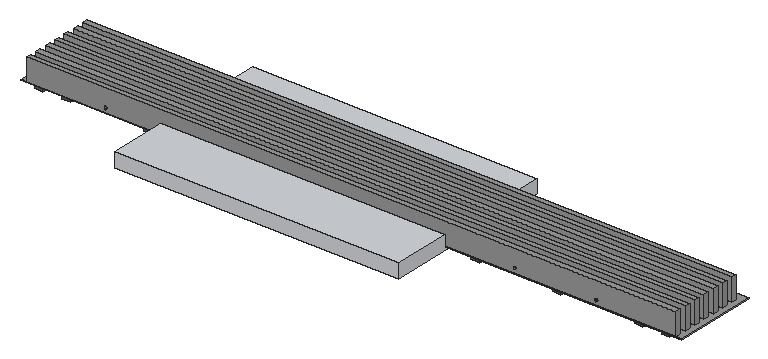
Revit family "1414-7, Solid", category Generic Models, host Face, Revit 2020
Family settings
  Host = Face
  Can host rebar = No
  Round Connector Dimension = Use Diameter
  Part Type = Normal
  Cut with Voids When Loaded = No
  Shared = No
  Room Calculation Point = No
Parameters
  min_value [instance] = 2' - 4"  # constant formula
  max_value [instance] = 11' - 11 1/4"  # constant formula
  actual_value [instance] = if(NET LENGTH < min_value, min_value, if(NET LENGTH > max_value, max_value, NET LENGTH))  # 7' - 11 1/4"
  SCRIM MATERIAL [instance] = SCRIM
  SCRIM APPEARANCE [instance] = yes
  NET LENGTH [instance] = 7' - 11 1/4"
  IMPORTANT NOTE!!!                                                                             *Backer & dowel layout is for visualization purposes only, final layout to be determined by 9Wood. [instance] = ""
  Default Elevation = 4' - 0"
  DOWEL RADIUS [instance] = 0' - 0 1/4"  # constant formula
  BACKER & DOWEL MATERIAL [instance] = BLACK-BACKERS
  .. MEMBER WIDTH [instance] = 0' - 0 3/4"  # constant formula
  .. MEMBER MATERIAL [instance] = Solid Western Hemlock
  .. MEMBER DEPTH [instance] = 0' - 3 1/4"  # constant formula
  .. MEMBER COUNT [instance] = 7  # constant formula
Reference planes (in)
  plane 1 "Center (Front/Back)": y = 0
  plane 2: z = 0
  plane 3 "Center (Left/Right)": x = 0
Forms (in)
  Extrusion 1, solid
    sketch origin (0, 0, 0) x (1, 0, 0) y (0, 1, 0)
      loop
        line (-24.24823, 14.63962) -> (-24.24823, -10.69266) -> (17.36192, -10.69266) -> (17.36192, 14.63962) -> (-24.24823, 14.63962)
    from 0 to 2.0625
Dimensions and locks (in)
  aligned and locked: plane 2 to Extrusion 1
Nested families (in)
  nested 1: "1400 series" at (-44.01308, -2.1224, 0.00189), NET LENGTH <- "actual_value", .. MEMBER DEPTH <- ".. MEMBER DEPTH", .. MEMBER WIDTH <- ".. MEMBER WIDTH", DOWEL RADIUS <- "DOWEL RADIUS", BACKER & DOWEL MATERIAL <- "BACKER & DOWEL MATERIAL", .. MEMBER MATERIAL <- ".. MEMBER MATERIAL", SCRIM MATERIAL <- "SCRIM MATERIAL", MEMBER COUNT <- ".. MEMBER COUNT", SCRIM APPEARANCE <- "SCRIM APPEARANCE", type "1400 series"
    with X 7' - 8", SCRIM MATERIAL SCRIM, SCRIM LENGTH 8' - 1", SCRIM APPEARANCE yes, SCRIM 2 0' - 0 7/8", SCRIM 1 0' - 0 3/32", OC TYP 1' - 0", NET LENGTH 7' - 11 1/4", N 8, MEMBER COUNT 7, INSET 2 0' - 0 3/16", INSET 0' - 1", HALF MEMBER WIDTH 0' - 0 3/8", END BACKER yes, DOWEL RADIUS 0' - 0 1/4", DOWEL INDEX 0' - 11 5/8", DOWEL COUNT 7, BACKING M COUNT 8, BACKER WIDTH 0' - 1 1/4", BACKER INDEX 0' - 5 5/8", BACKER DEPTH 0' - 0 1/2", BACKER & DOWEL MATERIAL BLACK-BACKERS, BACKER &  DOWEL LENGTH 0' - 11 7/8", .. MEMBER WIDTH 0' - 0 3/4", .. MEMBER OC TYP 0' - 1.71429", .. MEMBER MATERIAL Solid Western Hemlock, .. MEMBER DEPTH 0' - 3 1/4"
Definition of nested family "1400 series"
  Parameters (values of type "1400 series")
    X [instance] = NET LENGTH - 0' 3 1/4"  # 7' - 2"
    SCRIM MATERIAL [instance] = none
    SCRIM APPEARANCE [instance] = yes
    SCRIM 2 [instance] = 0' - 0 7/8"  # constant formula
    SCRIM 1 [instance] = 0' - 0 3/32"  # constant formula
    OC TYP [instance] = 1' - 0"  # constant formula
    N [instance] = if((X - (rounddown(X / 1' 0") * 1' 0")) > 1' 0", rounddown(X / 1' 0") + 2, rounddown(X / 1' 0") + 1)  # 8
    MEMBER COUNT [instance] = 2
    INSET 5 = 0' - 0 11/16"  # constant formula
    INSET 2 [instance] = 0' - 0 3/16"  # constant formula
    INSET [instance] = 0' - 1"  # constant formula
    END BACKER [instance] = BACKER INDEX > 0' 3 5/8"  # no
    HALF MEMBER WIDTH [instance] = .. MEMBER WIDTH / 2  # 0' - 1 1/8"
    Default Elevation = 0' - 0"
    DOWEL RADIUS [instance] = 0' - 0 1/4"
    DOWEL INDEX [instance] = BACKER INDEX + 0' 6"  # 0' - 8 5/8"
    DOWEL COUNT [instance] = N - 1  # 7
    BACKER WIDTH [instance] = 0' - 1 1/4"  # constant formula
    BACKER INDEX [instance] = (NET LENGTH - ((N - 1) * 1' 0")) / 2  # 0' - 2 5/8"
    BACKER DEPTH [instance] = 0' - 0 1/2"  # constant formula
    BACKING M COUNT [instance] = N  # 8
    BACKER & DOWEL MATERIAL [instance] = none
    BACKER &  DOWEL LENGTH [instance] = 0' - 11 7/8"  # constant formula
    SCRIM LENGTH [instance] = NET LENGTH + (SCRIM 2 * 2)  # 7' - 7"
    .. MEMBER WIDTH [instance] = 0' - 2 1/4"
    .. MEMBER OC TYP [instance] = 1' 0" / MEMBER COUNT  # 0' - 6"
    .. MEMBER MATERIAL [instance] = none
    NET LENGTH [instance] = 7' - 5 1/4"
    .. MEMBER DEPTH [instance] = 0' - 4"
  Reference planes (in)
    plane 1 "Center (Front/Back)": y = 0
    plane 2: z = 0
    plane 3 "Center (Left/Right)": x = 0
    plane 4: x = 89.25
    plane 5: x = 1
    plane 6: x = 88.25
    plane 7: x = 2.625
    plane 8: x = 8.625
    plane 9: x = 14.625
    plane 10: x = 20.625
    plane 11: y = 0.1875
    plane 12: y = 1.125
    plane 13: y = 7.125
    plane 14: y = 12.0625
    plane 15: x = 90.125
    plane 16: x = -0.875
    plane 17: y = 12.15625
    plane 18: y = -0.09375
    plane 19: z = 2.7097
    plane 20: z = 0.49811
    plane 21: z = 0.56061
    plane 22: z = 1.24811
  Lines and regions (in)
    model lines, not visible
      curve 1: line (8.625, 0, 0.99811) -> (8.625, 0, 1.49811)
      curve 2: line (8.625, 0, 1.49811) -> (8.375, 0, 1.24811)
      curve 3: line (8.375, 0, 1.24811) -> (8.875, 0, 1.24811)
      curve 4: line (20.625, 0, 0.99811) -> (20.625, 0, 1.49811)
      curve 5: line (20.625, 0, 1.49811) -> (20.375, 0, 1.24811)
      curve 6: line (20.375, 0, 1.24811) -> (20.875, 0, 1.24811)
      curve 7: line (32.625, 0, 0.99811) -> (32.625, 0, 1.49811)
      curve 8: line (32.625, 0, 1.49811) -> (32.375, 0, 1.24811)
      curve 9: line (32.375, 0, 1.24811) -> (32.875, 0, 1.24811)
      curve 10: line (44.625, 0, 0.99811) -> (44.625, 0, 1.49811)
      curve 11: line (44.625, 0, 1.49811) -> (44.375, 0, 1.24811)
      curve 12: line (44.375, 0, 1.24811) -> (44.875, 0, 1.24811)
      curve 13: line (56.625, 0, 0.99811) -> (56.625, 0, 1.49811)
      curve 14: line (56.625, 0, 1.49811) -> (56.375, 0, 1.24811)
      curve 15: line (56.375, 0, 1.24811) -> (56.875, 0, 1.24811)
      curve 16: line (68.625, 0, 0.99811) -> (68.625, 0, 1.49811)
      curve 17: line (68.625, 0, 1.49811) -> (68.375, 0, 1.24811)
      curve 18: line (68.375, 0, 1.24811) -> (68.875, 0, 1.24811)
      curve 19: line (80.625, 0, 0.99811) -> (80.625, 0, 1.49811)
      curve 20: line (80.625, 0, 1.49811) -> (80.375, 0, 1.24811)
      curve 21: line (80.375, 0, 1.24811) -> (80.875, 0, 1.24811)
  Dimensions and locks (in)
    "INSET": plane 3 "Center (Left/Right)" to plane 5
    "NET LENGTH": plane 3 "Center (Left/Right)" to plane 4
    "INSET": plane 6 to plane 4
    "BACKER INDEX": plane 3 "Center (Left/Right)" to plane 7
    "DOWEL INDEX": plane 3 "Center (Left/Right)" to plane 8
    "OC TYP": plane 7 to plane 9
    "OC TYP": plane 8 to plane 10
    "INSET 2": plane 1 "Center (Front/Back)" to plane 11
    equal spacing: group 1, group 2, group 5, group 6, group 7, group 13, group 14, group 16  (x3)
    equal spacing: group 3, group 4, group 8, group 9, group 10, group 15, group 17  (x3)
    group 11 to group 12 = 0' - 0"  (x2)
    group 11 to group 12 = 0' - 6"
    ".. MEMBER OC TYP": plane 13 to plane 12
    "HALF MEMBER WIDTH": plane 1 "Center (Front/Back)" to plane 12
    "SCRIM 2": plane 16 to plane 3 "Center (Left/Right)"
    "SCRIM 2": plane 4 to plane 15
    "SCRIM 1": plane 18 to plane 1 "Center (Front/Back)"
    "SCRIM 1": plane 17 to plane 14
    "INSET 5": plane 22 to plane 21
    aligned and locked: level to plane 2
    aligned and locked: plane 7 to nested 2
    aligned and locked: plane 5 to nested 1
    aligned and locked: plane 9 to nested 3
    aligned and locked: nested 1 to plane 5
    aligned and locked: nested 2 to plane 11
    aligned and locked: nested 1 to plane 11
    aligned and locked: nested 3 to plane 11
    aligned and locked: nested 4 to plane 11  (x2)
    aligned and locked: plane 10 to nested 5
    aligned and locked: plane 6 to nested 12
    aligned and locked: nested 5 to plane 11
    aligned and locked: plane 11 to nested 12
    aligned and locked: plane 12 to nested 13
    aligned and locked: nested 14 to plane 13
    aligned and locked: plane 14 to nested 8
    aligned and locked: plane 16 to nested 15
    aligned and locked: nested 15 to plane 18
    aligned and locked: nested 15 to plane 17
    aligned and locked: nested 15 to plane 16  (x2)
    aligned and locked: nested 1 to level
    aligned and locked: level to nested 3
    aligned and locked: plane 20 to nested 2
    aligned and locked: plane 20 to nested 1
    aligned and locked: plane 20 to nested 3
    aligned and locked: nested 12 to plane 20
    aligned and locked: nested 15 to plane 20
    aligned and locked: plane 21 to nested 15
    aligned and locked: nested 13 to plane 21
    aligned and locked: plane 22 to nested 4
    aligned and locked: plane 22 to nested 5
    aligned and locked: nested 13 to plane 8
    aligned and locked: plane 10 to nested 13
    aligned and locked: curve 1 to nested 13
    aligned and locked: nested 13 to curve 4
  Automatic sketch dimensions
    curve 3 to curve 1 = 0' - 0 1/4"  (x2)
    curve 1 to curve 3 = 0' - 0 1/4"
    curve 1 to curve 2 = 0' - 0 1/4"
    curve 6 to curve 4 = 0' - 0 1/4"  (x2)
    curve 4 to curve 6 = 0' - 0 1/4"
    curve 4 to curve 5 = 0' - 0 1/4"
    curve 9 to curve 7 = 0' - 0 1/4"  (x2)
    curve 7 to curve 9 = 0' - 0 1/4"
    curve 7 to curve 8 = 0' - 0 1/4"
    curve 12 to curve 10 = 0' - 0 1/4"  (x2)
    curve 10 to curve 12 = 0' - 0 1/4"
    curve 10 to curve 11 = 0' - 0 1/4"
    curve 15 to curve 13 = 0' - 0 1/4"  (x2)
    curve 13 to curve 15 = 0' - 0 1/4"
    curve 13 to curve 14 = 0' - 0 1/4"
    curve 18 to curve 16 = 0' - 0 1/4"  (x2)
    curve 16 to curve 18 = 0' - 0 1/4"
    curve 16 to curve 17 = 0' - 0 1/4"
    curve 21 to curve 19 = 0' - 0 1/4"  (x2)
    curve 19 to curve 21 = 0' - 0 1/4"
    curve 19 to curve 20 = 0' - 0 1/4"
  Nested families (in)
    nested 1: "INSTANCE - 3RD -  EXTEND BOTH SIDES - Parametric Cube.0001" at (1, 0.1875, 0.49811), Length <- "BACKER &  DOWEL LENGTH", Width <- "BACKER WIDTH", Height <- "BACKER DEPTH", Material <- "BACKER & DOWEL MATERIAL", visible <- "END BACKER", type "INSTANCE - 3RD -  EXTEND BOTH SIDES - Parametric Cube.0001"
      with Width 0' - 1 1/4", Material none, Length 0' - 11 7/8", Height 0' - 0 1/2"
    nested 2: "INSTANCE - 2ND -  EXTEND SIDE H CENTER W - Parametric Cube.0001" at (2.625, 0.1875, 0.49811), Width <- "BACKER WIDTH", Length <- "BACKER &  DOWEL LENGTH", Height <- "BACKER DEPTH", Material <- "BACKER & DOWEL MATERIAL", type "INSTANCE - 2ND -  EXTEND SIDE H CENTER W - Parametric Cube.0001"
      with Width 0' - 1 1/4", Material none, Length 0' - 11 7/8", Height 0' - 0 1/2"
    nested 3: "INSTANCE - 2ND -  EXTEND SIDE H CENTER W - Parametric Cube.0001" at (14.625, 0.1875, 0.49811), Width <- "BACKER WIDTH", Length <- "BACKER &  DOWEL LENGTH", Height <- "BACKER DEPTH", Material <- "BACKER & DOWEL MATERIAL", type "INSTANCE - 2ND -  EXTEND SIDE H CENTER W - Parametric Cube.0001"
      with Width 0' - 1 1/4", Material none, Length 0' - 11 7/8", Height 0' - 0 1/2"
    nested 4: "DOWEL" at (-1.375, 0.1875, 1.24811), DOWEL LENGTH <- "BACKER &  DOWEL LENGTH", DOWEL RADII <- "DOWEL RADIUS", BACKING MEM MATERIAL <- "BACKER & DOWEL MATERIAL", type "DOWEL"
      with DOWEL RADII 0' - 0 1/4", DOWEL LENGTH 0' - 11 7/8", BACKING MEM MATERIAL none
    nested 5: "DOWEL" at (10.625, 0.1875, 1.24811), DOWEL LENGTH <- "BACKER &  DOWEL LENGTH", DOWEL RADII <- "DOWEL RADIUS", BACKING MEM MATERIAL <- "BACKER & DOWEL MATERIAL", type "DOWEL"
      with DOWEL RADII 0' - 0 1/4", DOWEL LENGTH 0' - 11 7/8", BACKING MEM MATERIAL none
    nested 6: "INSTANCE - 2ND -  EXTEND SIDE H CENTER W - Parametric Cube.0001" at (26.625, 0.1875, 0.49811), Width <- "BACKER WIDTH", Length <- "BACKER &  DOWEL LENGTH", Height <- "BACKER DEPTH", Material <- "BACKER & DOWEL MATERIAL", type "INSTANCE - 2ND -  EXTEND SIDE H CENTER W - Parametric Cube.0001"
      with Width 0' - 1 1/4", Material none, Length 0' - 11 7/8", Height 0' - 0 1/2"
    nested 7: "INSTANCE - 2ND -  EXTEND SIDE H CENTER W - Parametric Cube.0001" at (38.625, 0.1875, 0.49811), Width <- "BACKER WIDTH", Length <- "BACKER &  DOWEL LENGTH", Height <- "BACKER DEPTH", Material <- "BACKER & DOWEL MATERIAL", type "INSTANCE - 2ND -  EXTEND SIDE H CENTER W - Parametric Cube.0001"
      with Width 0' - 1 1/4", Material none, Length 0' - 11 7/8", Height 0' - 0 1/2"
    nested 8: "INSTANCE - 2ND -  EXTEND SIDE H CENTER W - Parametric Cube.0001" at (50.625, 0.1875, 0.49811), Width <- "BACKER WIDTH", Length <- "BACKER &  DOWEL LENGTH", Height <- "BACKER DEPTH", Material <- "BACKER & DOWEL MATERIAL", type "INSTANCE - 2ND -  EXTEND SIDE H CENTER W - Parametric Cube.0001"
      with Width 0' - 1 1/4", Material none, Length 0' - 11 7/8", Height 0' - 0 1/2"
    nested 9: "DOWEL" at (22.625, 0.1875, 1.24811), DOWEL LENGTH <- "BACKER &  DOWEL LENGTH", DOWEL RADII <- "DOWEL RADIUS", BACKING MEM MATERIAL <- "BACKER & DOWEL MATERIAL", type "DOWEL"
      with DOWEL RADII 0' - 0 1/4", DOWEL LENGTH 0' - 11 7/8", BACKING MEM MATERIAL none
    nested 10: "DOWEL" at (34.625, 0.1875, 1.24811), DOWEL LENGTH <- "BACKER &  DOWEL LENGTH", DOWEL RADII <- "DOWEL RADIUS", BACKING MEM MATERIAL <- "BACKER & DOWEL MATERIAL", type "DOWEL"
      with DOWEL RADII 0' - 0 1/4", DOWEL LENGTH 0' - 11 7/8", BACKING MEM MATERIAL none
    nested 11: "DOWEL" at (46.625, 0.1875, 1.24811), DOWEL LENGTH <- "BACKER &  DOWEL LENGTH", DOWEL RADII <- "DOWEL RADIUS", BACKING MEM MATERIAL <- "BACKER & DOWEL MATERIAL", type "DOWEL"
      with DOWEL RADII 0' - 0 1/4", DOWEL LENGTH 0' - 11 7/8", BACKING MEM MATERIAL none
    nested 12: "INSTANCE - 3RD -  EXTEND BOTH SIDES - Parametric Cube.0001" at (88.25, 0.1875, 0.49811) x (-1, 0, 0) z (0, 0, 1), Width <- "BACKER WIDTH", Length <- "BACKER &  DOWEL LENGTH", Height <- "BACKER DEPTH", Material <- "BACKER & DOWEL MATERIAL", visible <- "END BACKER", type "INSTANCE - 3RD -  EXTEND BOTH SIDES - Parametric Cube.0001"
      with Width 0' - 1 1/4", Material none, Length 0' - 11 7/8", Height 0' - 0 1/2"
    nested 13: "HOLED MEMBER" at (0, -9.75, 8.12965), DOWEL INDEX <- "DOWEL INDEX", .. MEMBER LENGTH <- "NET LENGTH", .. MEMBER WIDTH <- ".. MEMBER WIDTH", DOWEL OC DIST <- "OC TYP", DOWEL RADII <- "DOWEL RADIUS", Material <- ".. MEMBER MATERIAL", DEPTH <- ".. MEMBER DEPTH", DOWEL COUNT <- "DOWEL COUNT", Space <- "INSET 5", type "HOLED MEMBER"
      with Space 0' - 0 11/16", Material none, Height 0' - 10.43096", HALF MEMBER WIDTH 0' - 1 1/8", DOWEL RADII 0' - 0 1/4", DOWEL OC DIST 1' - 0", DOWEL INDEX 0' - 8 5/8", DOWEL COUNT 7, DEPTH 0' - 4", .. MEMBER WIDTH 0' - 2 1/4", .. MEMBER LENGTH 7' - 5 1/4"
    nested 14: "HOLED MEMBER" at (0, -3.75, 8.12965), DOWEL INDEX <- "DOWEL INDEX", .. MEMBER LENGTH <- "NET LENGTH", .. MEMBER WIDTH <- ".. MEMBER WIDTH", DOWEL OC DIST <- "OC TYP", DOWEL RADII <- "DOWEL RADIUS", Material <- ".. MEMBER MATERIAL", DEPTH <- ".. MEMBER DEPTH", DOWEL COUNT <- "DOWEL COUNT", Space <- "INSET 5", type "HOLED MEMBER"
      with Space 0' - 0 11/16", Material none, Height 0' - 10.43096", HALF MEMBER WIDTH 0' - 1 1/8", DOWEL RADII 0' - 0 1/4", DOWEL OC DIST 1' - 0", DOWEL INDEX 0' - 8 5/8", DOWEL COUNT 7, DEPTH 0' - 4", .. MEMBER WIDTH 0' - 2 1/4", .. MEMBER LENGTH 7' - 5 1/4"
    nested 15: "INSTANCE - 3RD -  EXTEND BOTH SIDES - Parametric Cube.0001" at (-0.875, -0.09375, 0.56061), Width <- "SCRIM LENGTH", Material <- "SCRIM MATERIAL", visible <- "SCRIM APPEARANCE", type "INSTANCE - 3RD -  EXTEND BOTH SIDES - Parametric Cube.0001"
      with Width 7' - 7", Material none, Length 1' - 0 1/4", Height 0' - 0 1/16"
    nested 16: "INSTANCE - 2ND -  EXTEND SIDE H CENTER W - Parametric Cube.0001" at (62.625, 0.1875, 0.49811), Width <- "BACKER WIDTH", Length <- "BACKER &  DOWEL LENGTH", Height <- "BACKER DEPTH", Material <- "BACKER & DOWEL MATERIAL", type "INSTANCE - 2ND -  EXTEND SIDE H CENTER W - Parametric Cube.0001"
      with Width 0' - 1 1/4", Material none, Length 0' - 11 7/8", Height 0' - 0 1/2"
    nested 17: "INSTANCE - 2ND -  EXTEND SIDE H CENTER W - Parametric Cube.0001" at (74.625, 0.1875, 0.49811), Width <- "BACKER WIDTH", Length <- "BACKER &  DOWEL LENGTH", Height <- "BACKER DEPTH", Material <- "BACKER & DOWEL MATERIAL", type "INSTANCE - 2ND -  EXTEND SIDE H CENTER W - Parametric Cube.0001"
      with Width 0' - 1 1/4", Material none, Length 0' - 11 7/8", Height 0' - 0 1/2"
    nested 18: "DOWEL" at (58.625, 0.1875, 1.24811), DOWEL LENGTH <- "BACKER &  DOWEL LENGTH", DOWEL RADII <- "DOWEL RADIUS", BACKING MEM MATERIAL <- "BACKER & DOWEL MATERIAL", type "DOWEL"
      with DOWEL RADII 0' - 0 1/4", DOWEL LENGTH 0' - 11 7/8", BACKING MEM MATERIAL none
    nested 19: "INSTANCE - 2ND -  EXTEND SIDE H CENTER W - Parametric Cube.0001" at (86.625, 0.1875, 0.49811), Width <- "BACKER WIDTH", Length <- "BACKER &  DOWEL LENGTH", Height <- "BACKER DEPTH", Material <- "BACKER & DOWEL MATERIAL", type "INSTANCE - 2ND -  EXTEND SIDE H CENTER W - Parametric Cube.0001"
      with Width 0' - 1 1/4", Material none, Length 0' - 11 7/8", Height 0' - 0 1/2"
    nested 20: "DOWEL" at (70.625, 0.1875, 1.24811), DOWEL LENGTH <- "BACKER &  DOWEL LENGTH", DOWEL RADII <- "DOWEL RADIUS", BACKING MEM MATERIAL <- "BACKER & DOWEL MATERIAL", type "DOWEL"
      with DOWEL RADII 0' - 0 1/4", DOWEL LENGTH 0' - 11 7/8", BACKING MEM MATERIAL none
  Definition of nested family "INSTANCE - 3RD -  EXTEND BOTH SIDES - Parametric Cube.0001"
    Parameters (values of type "INSTANCE - 3RD -  EXTEND BOTH SIDES - Parametric Cube.0001")
      Width [instance] = 0' - 6"
      Material [instance] = none
      Length [instance] = 1' - 0"
      Height [instance] = 1' - 6"
      Default Elevation = 0' - 0"
    Reference planes (in)
      plane 1 "Center (Front/Back)": y = 0
      plane 2: z = 0
      plane 3 "Center (Left/Right)": x = 0
      plane 4: x = 6
      plane 5: y = 12
      plane 6: z = -18
    Forms (in)
      Extrusion 1, solid, material <- "Material"
        sketch origin (0, 6, 0) x (1, 0, 0) y (0, 1, 0)
          loop
            line (0, 6) -> (0, -6) -> (6, -6) -> (6, 6) -> (0, 6)
        from -18 to 0
    Dimensions and locks (in)
      "Height": plane 6 to level
      "Length": plane 1 "Center (Front/Back)" to plane 5
      "Width": plane 3 "Center (Left/Right)" to plane 4
      aligned and locked: plane 2 to level
      aligned and locked: Extrusion 1 sketch curve to plane 4
      aligned and locked: Extrusion 1 to plane 6
      aligned and locked: plane 5 to Extrusion 1
      aligned and locked: Extrusion 1 to plane 3 "Center (Left/Right)"
    Automatic sketch dimensions
      plane 1 "Center (Front/Back)" to Extrusion 1 sketch curve = 0' - 0"
      plane 5 to Extrusion 1 sketch curve = 0' - 0"
      Extrusion 1 sketch curve to plane 3 "Center (Left/Right)" = 0' - 0"
  Definition of nested family "INSTANCE - 2ND -  EXTEND SIDE H CENTER W - Parametric Cube.0001"
    Parameters (values of type "INSTANCE - 2ND -  EXTEND SIDE H CENTER W - Parametric Cube.0001")
      Width [instance] = 0' - 6"
      Material [instance] = none
      Length [instance] = 1' - 0"
      Height [instance] = 1' - 6"
      Default Elevation = 0' - 0"
    Reference planes (in)
      plane 1 "Center (Front/Back)": y = 0
      plane 2: z = 0
      plane 3 "Center (Left/Right)": x = 0
      plane 4: x = -3
      plane 5: x = 3
      plane 6: y = 12
      plane 7: z = -18
    Forms (in)
      Extrusion 1, solid, material <- "Material"
        sketch origin (0, 6, 0) x (1, 0, 0) y (0, 1, 0)
          loop
            line (-3, 6) -> (-3, -6) -> (3, -6) -> (3, 6) -> (-3, 6)
        from -18 to 0
    Dimensions and locks (in)
      equal spacing: plane 4, plane 3 "Center (Left/Right)", plane 5
      "Width": plane 4 to plane 5
      "Height": plane 7 to level
      "Length": plane 1 "Center (Front/Back)" to plane 6
      aligned and locked: plane 2 to level
      aligned and locked: plane 4 to Extrusion 1 sketch curve
      aligned and locked: Extrusion 1 sketch curve to plane 5
      aligned and locked: Extrusion 1 to plane 7
      aligned and locked: plane 6 to Extrusion 1
    Automatic sketch dimensions
      plane 1 "Center (Front/Back)" to Extrusion 1 sketch curve = 0' - 0"
      plane 6 to Extrusion 1 sketch curve = 0' - 0"
  Definition of nested family "DOWEL"
    Parameters (values of type "DOWEL")
      Default Elevation = 0' - 0"
      DOWEL RADII [instance] = 0' - 0 5/8"
      DOWEL LENGTH [instance] = 1' - 0"
      BACKING MEM MATERIAL [instance] = none
    Reference planes (in)
      plane 1 "Center (Front/Back)": y = 0
      plane 2: z = 0
      plane 3 "Center (Left/Right)": x = 0
      plane 4: y = 12
    Forms (in)
      Extrusion 1, solid, material <- "BACKING MEM MATERIAL"
        sketch origin (10, 0, 0) x (1, 0, 0) y (0, 0, 1)
          loop
            circle (0, 0) r 0.625
        from 0 to -12
      Extrusion 2, solid, not visible
        sketch origin (0, 0, 0) x (1, 0, 0) y (0, 0, 1)
          loop
            circle (0, 0) r 0.625
        from 0 to 12
      Extrusion 3, solid, not visible
        sketch origin (10, 0, 0) x (1, 0, 0) y (0, 0, 1)
          loop
            circle (0, 0) r 0.625
        from 0 to 2.5
      Extrusion 4, solid, not visible
        sketch origin (10, 0, 0) x (1, 0, 0) y (0, 0, 1)
          loop
            circle (0, 0) r 0.625
        from 0 to -12
    Lines and regions (in)
      model lines, not visible
        curve 1: line (-13, 0, 0) -> (-13, -12, 0)
        curve 2: line (13, 0, 0) -> (13, -12, 0)
        curve 3: line (9.89453, 0, 0) -> (10.08794, 0, 0)
        curve 4: line (9.89453, -2.5, 0) -> (10.08794, -2.5, 0)
        curve 6: line (10, 0, 0) -> (10, 2, 0)
      model lines
        curve 5: line (10, 0, 0) -> (10, 2, 0)
    Dimensions and locks (in)
      "DOWEL LENGTH": plane 1 "Center (Front/Back)" to plane 4
      "DOWEL RADII": radius of Extrusion 1 sketch curve
      "DOWEL RADII": radius of Extrusion 2 sketch curve
      "DOWEL RADII": radius of Extrusion 3 sketch curve
      "DOWEL RADII": radius of Extrusion 4 sketch curve
      "DOWEL RADII": radius of Extrusion 1
      aligned and locked: plane 2 to level
      aligned and locked: Extrusion 1 to plane 1 "Center (Front/Back)"  (x3)
      aligned and locked: plane 1 "Center (Front/Back)" to Extrusion 1
      aligned and locked: plane 4 to Extrusion 1
    Automatic sketch dimensions
      plane 1 "Center (Front/Back)" to curve 5 = 0' - 0"
      curve 5 to plane 1 "Center (Front/Back)" = 0' - 2"
      plane 3 "Center (Left/Right)" to curve 5 = 0' - 10"
      Extrusion 1 sketch curve to level = 0' - 0"
      plane 3 "Center (Left/Right)" to Extrusion 1 sketch curve = 0' - 10"
  Definition of nested family "HOLED MEMBER"
    Parameters (values of type "HOLED MEMBER")
      Space [instance] = 0' - 0 5/8"
      Material [instance] = none
      Height [instance] = 0' - 10.43096"
      HALF MEMBER WIDTH [instance] = .. MEMBER WIDTH / 2  # 0' - 0 5/16"
      Default Elevation = 0' - 0"
      DOWEL RADII [instance] = 0' - 0.34537"
      DOWEL OC DIST [instance] = 1' - 0"
      DOWEL INSET = 0' - 0 5/8"
      DOWEL INDEX [instance] = 0' - 5 5/8"
      DOWEL COUNT [instance] = 6
      DEPTH [instance] = 0' - 2"
      .. MEMBER WIDTH [instance] = 0' - 0 5/8"
      .. MEMBER LENGTH [instance] = 5' - 11 3/4"
    Reference planes (in)
      plane 1 "Center (Front/Back)": y = 12
      plane 2: z = -7.56904
      plane 3 "Center (Left/Right)": x = 0
      plane 4: x = 5.625
      plane 5: x = 17.625
      plane 6: y = 11.375
      plane 7: x = 71.75
      plane 8: y = 11.6875
      plane 9: z = -6.94404
      plane 10: z = -5.56904
    Forms (in)
      Extrusion 1, solid, material <- "Material"
        sketch origin (0, 12, -13.56904) x (1, 0, 0) y (0, 0, 1)
          loop
            line (0, 6) -> (71.75, 6) -> (71.75, 8) -> (0, 8) -> (0, 6)
        from 0.625 to 0
      Extrusion 2, void
        sketch origin (0, 12, -18.31904) x (1, 0, 0) y (0, 0, 1)
          loop
            circle (5.625, 11.375) r 0.34537
        from 0 to 12
      Extrusion 3, void, not visible
        sketch origin (0, 0, 0) x (1, 0, 0) y (0, 1, 0)
          loop
            circle (5.625, 11.375) r 0.34537
        from 0 to 12
      Extrusion 4, void, not visible
        sketch origin (0, 0, 0) x (1, 0, 0) y (0, 1, 0)
          loop
            circle (5.625, 11.375) r 0.34537
        from 0 to 12
      Extrusion 5, void, not visible
        sketch origin (12, 0, 0) x (1, 0, 0) y (0, 1, 0)
          loop
            circle (5.625, 11.375) r 0.34537
        from 0 to 12
      Extrusion 6, void, not visible
        sketch origin (0, 12, -17.56904) x (1, 0, 0) y (0, 0, 1)
          loop
            circle (5.625, 11.375) r 0.34537
        from 0 to 12
      Extrusion 7, void, not visible
        sketch origin (12, 12, -17.56904) x (1, 0, 0) y (0, 0, 1)
          loop
            circle (5.625, 11.375) r 0.34537
        from 0 to 12
      Extrusion 8, void, not visible
        sketch origin (0, 12, -19.56904) x (1, 0, 0) y (0, 0, 1)
          loop
            circle (5.625, 11.375) r 0.34537
        from 0 to 12
      Extrusion 9, void
        sketch origin (12, 12, -18.31904) x (1, 0, 0) y (0, 0, 1)
          loop
            circle (5.625, 11.375) r 0.34537
        from 0 to 12
      Extrusion 10, void
        sketch origin (24, 12, -18.31904) x (1, 0, 0) y (0, 0, 1)
          loop
            circle (5.625, 11.375) r 0.34537
        from 0 to 12
      Extrusion 11, void
        sketch origin (36, 12, -18.31904) x (1, 0, 0) y (0, 0, 1)
          loop
            circle (5.625, 11.375) r 0.34537
        from 0 to 12
      Extrusion 12, void
        sketch origin (48, 12, -18.31904) x (1, 0, 0) y (0, 0, 1)
          loop
            circle (5.625, 11.375) r 0.34537
        from 0 to 12
      Extrusion 13, void
        sketch origin (60, 12, -18.31904) x (1, 0, 0) y (0, 0, 1)
          loop
            circle (5.625, 11.375) r 0.34537
        from 0 to 12
      Extrusion 14, void, not visible
        sketch origin (24, 12, -17.56904) x (1, 0, 0) y (0, 0, 1)
          loop
            circle (5.625, 11.375) r 0.34537
        from 0 to 12
      Extrusion 15, void, not visible
        sketch origin (36, 12, -17.56904) x (1, 0, 0) y (0, 0, 1)
          loop
            circle (5.625, 11.375) r 0.34537
        from 0 to 12
      Extrusion 16, void, not visible
        sketch origin (48, 12, -17.56904) x (1, 0, 0) y (0, 0, 1)
          loop
            circle (5.625, 11.375) r 0.34537
        from 0 to 12
      Extrusion 17, void, not visible
        sketch origin (60, 12, -17.56904) x (1, 0, 0) y (0, 0, 1)
          loop
            circle (5.625, 11.375) r 0.34537
        from 0 to 12
      Extrusion 18, void, not visible
        sketch origin (24, 0, 0) x (1, 0, 0) y (0, 1, 0)
          loop
            circle (5.625, 11.375) r 0.34537
        from 0 to 12
      Extrusion 19, void, not visible
        sketch origin (36, 0, 0) x (1, 0, 0) y (0, 1, 0)
          loop
            circle (5.625, 11.375) r 0.34537
        from 0 to 12
      Extrusion 20, void, not visible
        sketch origin (48, 0, 0) x (1, 0, 0) y (0, 1, 0)
          loop
            circle (5.625, 11.375) r 0.34537
        from 0 to 12
      Extrusion 21, void, not visible
        sketch origin (60, 0, 0) x (1, 0, 0) y (0, 1, 0)
          loop
            circle (5.625, 11.375) r 0.34537
        from 0 to 12
    Cuts and joins
      Extrusion 2, Extrusion 9, Extrusion 10, Extrusion 11, Extrusion 12, Extrusion 13 cuts Extrusion 1
    Lines and regions (in)
      model lines, not visible
        curve 1: line (5.625, 11.72037, 0) -> (5.625, 11.02963, 0)
        curve 2: line (5.625, 11.72037, 0) -> (5.625, 11.02963, 0)
        curve 3: line (17.625, 11.72037, 0) -> (17.625, 11.02963, 0)
        curve 4: line (5.625, 12, -7.56904) -> (5.625, 11.87317, -7.56904)
        curve 5: line (5.625, 11.87317, -7.56904) -> (5.06195, 11.87317, -7.56904)
        curve 6: line (5.06195, 11.87317, -7.56904) -> (5.27963, 11.375, -7.56904)
        curve 7: line (0, 12, -6.19404) -> (0, 11.61951, -6.19404)
        curve 9: line (0, 11.375, -8.19404) -> (0, 11.6747, -8.19404)
        curve 10: line (5.625, 12, -7.56904) -> (5.625, 11.69863, -7.56904)
        curve 11: line (5.625, 12, -7.56904) -> (5.625, 11.69863, -7.56904)
        curve 12: line (5.625, 10.75, 0) -> (5.625, 10.75, 0.30137)
        curve 13: line (5.625, 10.75, 0) -> (5.625, 10.75, 0.30137)
        curve 14: line (17.625, 10.75, 0) -> (17.625, 10.75, 0.30137)
        curve 15: line (5.625, 12, -6.81904) -> (5.625, 11.69863, -6.81904)
        curve 16: line (17.625, 12, -6.81904) -> (17.625, 11.69863, -6.81904)
        curve 17: line (5.625, 12, -8.81904) -> (5.625, 11.69863, -8.81904)
        curve 18: line (17.625, 12, -7.56904) -> (17.625, 11.69863, -7.56904)
        curve 19: line (29.625, 12, -7.56904) -> (29.625, 11.69863, -7.56904)
        curve 20: line (41.625, 12, -7.56904) -> (41.625, 11.69863, -7.56904)
        curve 21: line (53.625, 12, -7.56904) -> (53.625, 11.69863, -7.56904)
        curve 22: line (65.625, 12, -7.56904) -> (65.625, 11.69863, -7.56904)
        curve 23: line (29.625, 12, -6.81904) -> (29.625, 11.69863, -6.81904)
        curve 24: line (41.625, 12, -6.81904) -> (41.625, 11.69863, -6.81904)
        curve 25: line (53.625, 12, -6.81904) -> (53.625, 11.69863, -6.81904)
        curve 26: line (65.625, 12, -6.81904) -> (65.625, 11.69863, -6.81904)
        curve 27: line (29.625, 11.72037, 0) -> (29.625, 11.02963, 0)
        curve 28: line (29.625, 10.75, 0) -> (29.625, 10.75, 0.30137)
        curve 29: line (41.625, 11.72037, 0) -> (41.625, 11.02963, 0)
        curve 30: line (41.625, 10.75, 0) -> (41.625, 10.75, 0.30137)
        curve 31: line (53.625, 11.72037, 0) -> (53.625, 11.02963, 0)
        curve 32: line (53.625, 10.75, 0) -> (53.625, 10.75, 0.30137)
        curve 33: line (65.625, 11.72037, 0) -> (65.625, 11.02963, 0)
        curve 34: line (65.625, 10.75, 0) -> (65.625, 10.75, 0.30137)
        curve 35: line (5.27963, 12, -6.94404) -> (5.97037, 12, -6.94404)
        curve 36: line (5.97037, 12, -6.94404) -> (5.625, 12, -6.59867)
        curve 37: line (5.625, 12, -6.59867) -> (5.625, 12, -7.28941)
        curve 38: line (5.27963, 11.375, 0) -> (5.97037, 11.375, 0)
        curve 39: line (5.97037, 11.375, 0) -> (5.625, 11.72037, 0)
        curve 40: line (5.625, 11.72037, 0) -> (5.625, 11.02963, 0)
        curve 41: line (5.27963, 11.375, 0) -> (5.97037, 11.375, 0)
        curve 42: line (5.97037, 11.375, 0) -> (5.625, 11.72037, 0)
        curve 43: line (5.625, 11.72037, 0) -> (5.625, 11.02963, 0)
        curve 44: line (17.27963, 11.375, 0) -> (17.97037, 11.375, 0)
        curve 45: line (17.97037, 11.375, 0) -> (17.625, 11.72037, 0)
        curve 46: line (17.625, 11.72037, 0) -> (17.625, 11.02963, 0)
        curve 47: line (5.27963, 12, -6.19404) -> (5.97037, 12, -6.19404)
        curve 48: line (5.97037, 12, -6.19404) -> (5.625, 12, -5.84867)
        curve 49: line (5.625, 12, -5.84867) -> (5.625, 12, -6.53941)
        curve 50: line (17.27963, 12, -6.19404) -> (17.97037, 12, -6.19404)
        curve 51: line (17.97037, 12, -6.19404) -> (17.625, 12, -5.84867)
        curve 52: line (17.625, 12, -5.84867) -> (17.625, 12, -6.53941)
        curve 53: line (5.27963, 12, -8.19404) -> (5.97037, 12, -8.19404)
        curve 54: line (5.97037, 12, -8.19404) -> (5.625, 12, -7.84867)
        curve 55: line (5.625, 12, -7.84867) -> (5.625, 12, -8.53941)
        curve 56: line (17.27963, 12, -6.94404) -> (17.97037, 12, -6.94404)
        curve 57: line (17.97037, 12, -6.94404) -> (17.625, 12, -6.59867)
        curve 58: line (17.625, 12, -6.59867) -> (17.625, 12, -7.28941)
        curve 59: line (29.27963, 12, -6.94404) -> (29.97037, 12, -6.94404)
        curve 60: line (29.97037, 12, -6.94404) -> (29.625, 12, -6.59867)
        curve 61: line (29.625, 12, -6.59867) -> (29.625, 12, -7.28941)
        curve 62: line (41.27963, 12, -6.94404) -> (41.97037, 12, -6.94404)
        curve 63: line (41.97037, 12, -6.94404) -> (41.625, 12, -6.59867)
        curve 64: line (41.625, 12, -6.59867) -> (41.625, 12, -7.28941)
        curve 65: line (53.27963, 12, -6.94404) -> (53.97037, 12, -6.94404)
        curve 66: line (53.97037, 12, -6.94404) -> (53.625, 12, -6.59867)
        curve 67: line (53.625, 12, -6.59867) -> (53.625, 12, -7.28941)
        curve 68: line (65.27963, 12, -6.94404) -> (65.97037, 12, -6.94404)
        curve 69: line (65.97037, 12, -6.94404) -> (65.625, 12, -6.59867)
        curve 70: line (65.625, 12, -6.59867) -> (65.625, 12, -7.28941)
        curve 71: line (29.27963, 12, -6.19404) -> (29.97037, 12, -6.19404)
        curve 72: line (29.97037, 12, -6.19404) -> (29.625, 12, -5.84867)
        curve 73: line (29.625, 12, -5.84867) -> (29.625, 12, -6.53941)
        curve 74: line (41.27963, 12, -6.19404) -> (41.97037, 12, -6.19404)
        curve 75: line (41.97037, 12, -6.19404) -> (41.625, 12, -5.84867)
        curve 76: line (41.625, 12, -5.84867) -> (41.625, 12, -6.53941)
        curve 77: line (53.27963, 12, -6.19404) -> (53.97037, 12, -6.19404)
        curve 78: line (53.97037, 12, -6.19404) -> (53.625, 12, -5.84867)
        curve 79: line (53.625, 12, -5.84867) -> (53.625, 12, -6.53941)
        curve 80: line (65.27963, 12, -6.19404) -> (65.97037, 12, -6.19404)
        curve 81: line (65.97037, 12, -6.19404) -> (65.625, 12, -5.84867)
        curve 82: line (65.625, 12, -5.84867) -> (65.625, 12, -6.53941)
        curve 83: line (29.27963, 11.375, 0) -> (29.97037, 11.375, 0)
        curve 84: line (29.97037, 11.375, 0) -> (29.625, 11.72037, 0)
        curve 85: line (29.625, 11.72037, 0) -> (29.625, 11.02963, 0)
        curve 86: line (41.27963, 11.375, 0) -> (41.97037, 11.375, 0)
        curve 87: line (41.97037, 11.375, 0) -> (41.625, 11.72037, 0)
        curve 88: line (41.625, 11.72037, 0) -> (41.625, 11.02963, 0)
        curve 89: line (53.27963, 11.375, 0) -> (53.97037, 11.375, 0)
        curve 90: line (53.97037, 11.375, 0) -> (53.625, 11.72037, 0)
        curve 91: line (53.625, 11.72037, 0) -> (53.625, 11.02963, 0)
        curve 92: line (65.27963, 11.375, 0) -> (65.97037, 11.375, 0)
        curve 93: line (65.97037, 11.375, 0) -> (65.625, 11.72037, 0)
        curve 94: line (65.625, 11.72037, 0) -> (65.625, 11.02963, 0)
      model lines
        curve 8: line (5.625, 12, -7.56904) -> (5.625, 11.69863, -7.56904)
    Dimensions and locks (in)
      "DOWEL INDEX": plane 3 "Center (Left/Right)" to plane 4
      "DOWEL OC DIST": plane 4 to plane 5
      ".. MEMBER LENGTH": plane 3 "Center (Left/Right)" to plane 7
      equal spacing: group 3, group 4, group 21, group 22, group 23, group 24  (x3)
      equal spacing: group 7, group 8, group 17, group 18, group 19, group 20  (x3)
      ".. MEMBER WIDTH": plane 6 to plane 1 "Center (Front/Back)"
      "HALF MEMBER WIDTH": plane 8 to plane 1 "Center (Front/Back)"
      equal spacing: group 1, group 12, group 13, group 14, group 15, group 16  (x2)
      equal spacing: group 16, group 15, group 14, group 13, group 12, group 1
      "DEPTH": plane 10 to level
      "Space": plane 9 to level
      "DOWEL RADII": radius of Extrusion 2 sketch curve
      "DOWEL RADII": radius of Extrusion 3 sketch curve
      "DOWEL RADII": radius of Extrusion 4 sketch curve
      "DOWEL RADII": radius of Extrusion 5 sketch curve
      "DOWEL RADII": radius of Extrusion 6 sketch curve
      "DOWEL RADII": radius of Extrusion 7 sketch curve
      "DOWEL RADII": radius of Extrusion 8 sketch curve
      "DOWEL RADII": radius of Extrusion 9 sketch curve
      "DOWEL RADII": radius of Extrusion 10 sketch curve
      "DOWEL RADII": radius of Extrusion 11 sketch curve
      "DOWEL RADII": radius of Extrusion 12 sketch curve
      "DOWEL RADII": radius of Extrusion 13 sketch curve
      "DOWEL RADII": radius of Extrusion 14 sketch curve
      "DOWEL RADII": radius of Extrusion 15 sketch curve
      "DOWEL RADII": radius of Extrusion 16 sketch curve
      "DOWEL RADII": radius of Extrusion 17 sketch curve
      "DOWEL RADII": radius of Extrusion 18 sketch curve
      "DOWEL RADII": radius of Extrusion 19 sketch curve
      "DOWEL RADII": radius of Extrusion 20 sketch curve
      "DOWEL RADII": radius of Extrusion 21 sketch curve
      aligned and locked: level to plane 2
      aligned and locked: Extrusion 1 to plane 3 "Center (Left/Right)"  (x2)
      aligned and locked: plane 7 to cut or joined group of Extrusion 1, Extrusion 2, Extrusion 9, Extrusion 10, Extrusion 11, Extrusion 12, Extrusion 13  (x2)
      aligned and locked: cut or joined group of Extrusion 1, Extrusion 2, Extrusion 9, Extrusion 10, Extrusion 11, Extrusion 12, Extrusion 13 to plane 1 "Center (Front/Back)"  (x2)
      aligned and locked: cut or joined group of Extrusion 1, Extrusion 2, Extrusion 9, Extrusion 10, Extrusion 11, Extrusion 12, Extrusion 13 to plane 6  (x2)
      aligned and locked: plane 4 to curve 11
      aligned and locked: curve 18 to plane 5
      aligned and locked: plane 4 to group 1
      aligned and locked: group 12 to plane 5
      aligned and locked: curve 35 to plane 9
      aligned and locked: plane 4 to curve 37
      aligned and locked: curve 56 to plane 9
      aligned and locked: curve 58 to plane 5
      aligned and locked: plane 10 to cut or joined group of Extrusion 1, Extrusion 2, Extrusion 9, Extrusion 10, Extrusion 11, Extrusion 12, Extrusion 13  (x2)
      aligned and locked: cut or joined group of Extrusion 1, Extrusion 2, Extrusion 9, Extrusion 10, Extrusion 11, Extrusion 12, Extrusion 13 to level
      aligned and locked: level to cut or joined group of Extrusion 1, Extrusion 2, Extrusion 9, Extrusion 10, Extrusion 11, Extrusion 12, Extrusion 13
    Automatic sketch dimensions
      curve 1 to curve 1 = 0' - 0.69074"
      curve 2 to curve 2 = 0' - 0.69074"
      curve 3 to curve 3 = 0' - 0.69074"
      Extrusion 1 sketch curve to plane 3 "Center (Left/Right)" = 0' - 0"
      Extrusion 1 sketch curve to plane 7 = 0' - 0"
      Extrusion 1 sketch curve to Extrusion 1 sketch curve = 0' - 2"
      Extrusion 1 sketch curve to level = 0' - 0"
      curve 8 to curve 8 = 0' - 0.30137"
      curve 10 to curve 10 = 0' - 0.30137"
      curve 8 to plane 4 = 0' - 0"
      plane 1 "Center (Front/Back)" to curve 8 = 0' - 0"
      plane 1 "Center (Front/Back)" to curve 8 = 0' - 0.30137"
      curve 11 to curve 11 = 0' - 0.30137"
      curve 12 to curve 12 = 0' - 0.30137"
      curve 13 to curve 13 = 0' - 0.30137"
      curve 14 to curve 14 = 0' - 0.30137"
      curve 15 to curve 15 = 0' - 0.30137"
      curve 16 to curve 16 = 0' - 0.30137"
      curve 17 to curve 17 = 0' - 0.30137"
      curve 18 to curve 18 = 0' - 0.30137"
      curve 19 to curve 19 = 0' - 0.30137"
      curve 20 to curve 20 = 0' - 0.30137"
      curve 21 to curve 21 = 0' - 0.30137"
      curve 22 to curve 22 = 0' - 0.30137"
      curve 23 to curve 23 = 0' - 0.30137"
      curve 24 to curve 24 = 0' - 0.30137"
      curve 25 to curve 25 = 0' - 0.30137"
      curve 26 to curve 26 = 0' - 0.30137"
      curve 27 to curve 27 = 0' - 0.69074"
      curve 28 to curve 28 = 0' - 0.30137"
      curve 29 to curve 29 = 0' - 0.69074"
      curve 30 to curve 30 = 0' - 0.30137"
      curve 31 to curve 31 = 0' - 0.69074"
      curve 32 to curve 32 = 0' - 0.30137"
      curve 33 to curve 33 = 0' - 0.69074"
      curve 34 to curve 34 = 0' - 0.30137"
      curve 37 to curve 35 = 0' - 0.34537"  (x2)
      curve 35 to curve 36 = 0' - 0.34537"
      curve 35 to curve 37 = 0' - 0.34537"
      curve 40 to curve 38 = 0' - 0.34537"  (x2)
      curve 38 to curve 39 = 0' - 0.34537"
      curve 38 to curve 40 = 0' - 0.34537"
      curve 43 to curve 41 = 0' - 0.34537"  (x2)
      curve 41 to curve 42 = 0' - 0.34537"
      curve 41 to curve 43 = 0' - 0.34537"
      curve 46 to curve 44 = 0' - 0.34537"  (x2)
      curve 44 to curve 45 = 0' - 0.34537"
      curve 44 to curve 46 = 0' - 0.34537"
      curve 49 to curve 47 = 0' - 0.34537"  (x2)
      curve 47 to curve 48 = 0' - 0.34537"
      curve 47 to curve 49 = 0' - 0.34537"
      curve 52 to curve 50 = 0' - 0.34537"  (x2)
      curve 50 to curve 51 = 0' - 0.34537"
      curve 50 to curve 52 = 0' - 0.34537"
      curve 55 to curve 53 = 0' - 0.34537"  (x2)
      curve 53 to curve 54 = 0' - 0.34537"
      curve 53 to curve 55 = 0' - 0.34537"
      curve 58 to curve 56 = 0' - 0.34537"  (x2)
      curve 56 to curve 57 = 0' - 0.34537"
      curve 56 to curve 58 = 0' - 0.34537"
      curve 61 to curve 59 = 0' - 0.34537"  (x2)
      curve 59 to curve 60 = 0' - 0.34537"
      curve 59 to curve 61 = 0' - 0.34537"
      curve 64 to curve 62 = 0' - 0.34537"  (x2)
      curve 62 to curve 63 = 0' - 0.34537"
      curve 62 to curve 64 = 0' - 0.34537"
      curve 67 to curve 65 = 0' - 0.34537"  (x2)
      curve 65 to curve 66 = 0' - 0.34537"
      curve 65 to curve 67 = 0' - 0.34537"
      curve 70 to curve 68 = 0' - 0.34537"  (x2)
      curve 68 to curve 69 = 0' - 0.34537"
      curve 68 to curve 70 = 0' - 0.34537"
      curve 73 to curve 71 = 0' - 0.34537"  (x2)
      curve 71 to curve 72 = 0' - 0.34537"
      curve 71 to curve 73 = 0' - 0.34537"
      curve 76 to curve 74 = 0' - 0.34537"  (x2)
      curve 74 to curve 75 = 0' - 0.34537"
      curve 74 to curve 76 = 0' - 0.34537"
      curve 79 to curve 77 = 0' - 0.34537"  (x2)
      curve 77 to curve 78 = 0' - 0.34537"
      curve 77 to curve 79 = 0' - 0.34537"
      curve 82 to curve 80 = 0' - 0.34537"  (x2)
      curve 80 to curve 81 = 0' - 0.34537"
      curve 80 to curve 82 = 0' - 0.34537"
      curve 85 to curve 83 = 0' - 0.34537"  (x2)
      curve 83 to curve 84 = 0' - 0.34537"
      curve 83 to curve 85 = 0' - 0.34537"
      curve 88 to curve 86 = 0' - 0.34537"  (x2)
      curve 86 to curve 87 = 0' - 0.34537"
      curve 86 to curve 88 = 0' - 0.34537"
      curve 91 to curve 89 = 0' - 0.34537"  (x2)
      curve 89 to curve 90 = 0' - 0.34537"
      curve 89 to curve 91 = 0' - 0.34537"
      curve 94 to curve 92 = 0' - 0.34537"  (x2)
      curve 92 to curve 93 = 0' - 0.34537"
      curve 92 to curve 94 = 0' - 0.34537"
